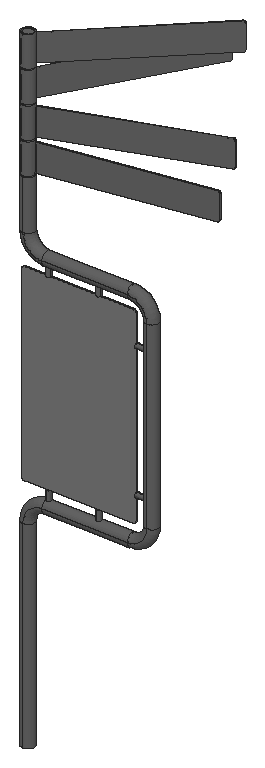
Revit family "FS_Баннер_Карта большая Яуза A 2.1_R16", category Антураж, Revit 2016
Family settings
  На основе рабочей плоскости = Нет
  Всегда вертикально = Да
  При загрузке вырезать с полостями = Нет
  Источник визуального образа = Геометрия семейства
  Общий = Нет
  Точка расчета площади = Нет
Parameters (values of type "Карта с 4 указателями «Яуза» А 2.1")
  Указатель 4_Поворот [instance] = 10.00°
  Указатель 3_Поворот [instance] = 20.00°
  Указатель 2_Поворот [instance] = 60.00°
  Указатель 1_Поворот [instance] = 45.00°
  Стоимость = 22400
  Материал таблички = FS_Краска
  Комментарии к типоразмеру = "Материал: сталь"  # constant formula
  Изготовитель = "ООО 'Хоббика'"  # constant formula
  Высота = 0 mm
  URL = "https://hobbyka.ru/product/ukazatel_yauza_21_s_tablichkami/?sphrase_id=90310"
  ADSK_Размер_Высота = 2990 mm  # constant formula
  ADSK_Наименование = "Карта с 4 указателями «Яуза» А 2.1"
  ADSK_Материал = FS_Сталь
  ADSK_Код изделия = "11100"  # constant formula
Reference planes
  plane 1 "По центру (Вперед/Назад)": y = 0
  plane 2: z = 0
  plane 3 "По центру (Влево/Вправо)": x = 0
  plane 4: z = 2400
  plane 5: z = 2550
  plane 6: z = 2700
  plane 7 "04": z = 2850
  plane 8 "03": z = 2700
  plane 9 "02": z = 2550
  plane 10 "01": z = 2400
  plane 11: z = 2000
  plane 12: z = 1100
  plane 13: x = 509.295
Forms (mm)
  Sweep 1, solid, material "FS_Сталь" <- "ADSK_Материал"
    path origin (0, 0, 0) x (1, 0, 0) y (0, 0, 1)
      loop
        line (0, 2390) -> (0, 2160)
        arc (0, 2160) -> (26.36, 2096.36) -> (90, 2070) r 90
        line (90, 2070) -> (489.295, 2070)
        arc (489.295, 2070) -> (552.935, 2043.64) -> (579.295, 1980) r 90
        line (579.295, 1980) -> (579.295, 1120)
        arc (579.295, 1120) -> (552.935, 1056.36) -> (489.295, 1030) r 90
        line (489.295, 1030) -> (90, 1030)
        arc (90, 1030) -> (26.36, 1003.64) -> (0, 940) r 90
        line (0, 940) -> (0, 0)
    profile origin (0, 0, 470) x (0, -1, 0) y (1, 0, 0)
      loop
        circle (0, 0) r 30
  Extrusion 2, solid, material "FS_Краска" <- "Материал таблички"
    sketch origin (0, 0, 0) x (1, 0, 0) y (0, 0, 1)
      loop
        line (489.295, 2000) -> (-10.705, 2000)
        arc (-10.705, 2000) -> (-24.847, 1994.142) -> (-30.705, 1980) r 20
        line (-30.705, 1980) -> (-30.705, 1120)
        arc (-30.705, 1120) -> (-24.847, 1105.858) -> (-10.705, 1100) r 20
        line (-10.705, 1100) -> (489.295, 1100)
        arc (489.295, 1100) -> (503.438, 1105.858) -> (509.295, 1120) r 20
        line (509.295, 1120) -> (509.295, 1980)
        arc (509.295, 1980) -> (503.438, 1994.142) -> (489.295, 2000) r 20
    from -1 to 1
  Sweep 3, solid, material "FS_Сталь" <- "ADSK_Материал"
    path origin (0, 0, 0) x (1, 0, 0) y (0, 0, 1)
      loop
        line (0, 2990) -> (0, 2390)
    profile origin (0, 0, 2690) x (0, -1, 0) y (1, 0, 0)
      loop
        circle (0, 0) r 25
  Extrusion 4, solid, material "FS_Сталь" <- "ADSK_Материал"
    sketch origin (529.295, -1524, 1100) x (0, -1, 0) y (-1, 0, 0)
      loop
        circle (-1524, 432.5) r 10
      loop
        circle (-1524, 197.5) r 10
    from 0 to 70
  Extrusion 5, solid, material "FS_Сталь" <- "ADSK_Материал"
    sketch origin (529.295, -1524, 2000) x (1, 0, 0) y (0, 1, 0)
      loop
        circle (-432.5, 1524) r 10
      loop
        circle (-197.5, 1524) r 10
    from 0 to 70
  Extrusion 6, solid, material "FS_Сталь" <- "ADSK_Материал"
    sketch origin (509.295, -1524, 1120) x (0, 0, 1) y (0, -1, 0)
      loop
        circle (105, -1524) r 10
      loop
        circle (730, -1524) r 10
    from 0 to 70
Cuts and joins
  joined: Sweep 1, Extrusion 4, Extrusion 5, Extrusion 6
Dimensions and locks
  diameter of Sweep 1 sketch curve = 60 mm
  radius of Sweep 1 sketch curve = 30 mm
  radius of Extrusion 2 sketch curve = 20 mm  (x4)
  "Указатель 1_Поворот": angle plane 1 "По центру (Вперед/Назад)" to nested 1
  "Указатель 2_Поворот": angle plane 1 "По центру (Вперед/Назад)" to nested 2
  "Указатель 3_Поворот": angle plane 1 "По центру (Вперед/Назад)" to nested 3
  "Указатель 4_Поворот": angle plane 1 "По центру (Вперед/Назад)" to nested 4
  aligned and locked: level to plane 2
Automatic sketch dimensions
  Sweep 1 sketch curve to plane 3 "По центру (Влево/Вправо)" = 0 mm  (x2)
  Sweep 1 sketch curve to level = 0 mm
  plane 12 to Sweep 1 sketch curve = 70 mm
  plane 11 to Sweep 1 sketch curve = 20 mm
  Sweep 1 sketch curve to Sweep 1 sketch curve = 90 mm  (x2)
  Sweep 1 sketch curve to plane 4 = 10 mm
  Extrusion 2 sketch curve to plane 12 = 0 mm
  Extrusion 2 sketch curve to plane 11 = 0 mm
  Sweep 3 sketch curve to plane 3 "По центру (Влево/Вправо)" = 0 mm
  Sweep 3 sketch curve to plane 4 = 10 mm
  plane 7 "04" to Sweep 3 sketch curve = 140 mm
  plane 1 "По центру (Вперед/Назад)" to Sweep 3 sketch curve = 0 mm
  Sweep 3 sketch curve to profile plane = 0 mm
  plane 1 "По центру (Вперед/Назад)" to Extrusion 4 sketch curve = 0 mm  (x2)
  plane 1 "По центру (Вперед/Назад)" to Extrusion 5 sketch curve = 0 mm  (x2)
  Extrusion 6 sketch curve to plane 1 "По центру (Вперед/Назад)" = 0 mm  (x2)
  Extrusion 2 sketch curve to plane 3 "По центру (Влево/Вправо)" = 10.705 mm
  plane 1 "По центру (Вперед/Назад)" to Sweep 1 sketch curve = 0 mm
  Sweep 1 sketch curve to profile plane = 0 mm
  Sweep 1 sketch curve to plane 13 = 20 mm  (x2)
  Extrusion 2 sketch curve to plane 13 = 0 mm
  Extrusion 4 sketch curve to plane 13 = 177.5 mm
  Extrusion 5 sketch curve to plane 13 = 177.5 mm
  plane 3 "По центру (Влево/Вправо)" to Sweep 1 sketch curve = 90 mm
  plane 3 "По центру (Влево/Вправо)" to Extrusion 4 sketch curve = 96.795 mm
  plane 3 "По центру (Влево/Вправо)" to Extrusion 5 sketch curve = 96.795 mm
  Extrusion 6 sketch curve to plane 12 = 125 mm
  plane 11 to Extrusion 6 sketch curve = 150 mm
  radius of Sweep 3 sketch curve = 25 mm
  radius of Extrusion 4 sketch curve = 10 mm  (x2)
  radius of Extrusion 5 sketch curve = 10 mm  (x2)
  radius of Extrusion 6 sketch curve = 10 mm  (x2)
Nested families
  nested 1: "FS_Баннер_Карта большая Яуза A 2.1_Указатель" at (0, 0, 2850) x (0.7071, 0.7071, 0) z (0, 0, 1), type "FS_Баннер_Карта большая Яуза A 2.1_Указатель"
  nested 2: "FS_Баннер_Карта большая Яуза A 2.1_Указатель" at (0, 0, 2700) x (0.5, 0.866, 0) z (0, 0, 1), type "FS_Баннер_Карта большая Яуза A 2.1_Указатель"
  nested 3: "FS_Баннер_Карта большая Яуза A 2.1_Указатель" at (0, 0, 2550) x (0.9397, 0.342, 0) z (0, 0, 1), type "FS_Баннер_Карта большая Яуза A 2.1_Указатель"
  nested 4: "FS_Баннер_Карта большая Яуза A 2.1_Указатель" at (0, 0, 2400) x (0.9848, 0.1736, 0) z (0, 0, 1), type "FS_Баннер_Карта большая Яуза A 2.1_Указатель"
Definition of nested family "FS_Баннер_Карта большая Яуза A 2.1_Указатель"
  Parameters (values of type "FS_Баннер_Карта большая Яуза A 2.1_Указатель")
    Default Elevation = 1219.2 mm
    ADSK_Материал = none
  Reference planes
    plane 1 "По центру (Вперед/Назад)": y = 0
    plane 2: z = 0
    plane 3 "По центру (Влево/Вправо)": x = 0
  Forms (mm)
    Extrusion 1, solid, material <- "ADSK_Материал"
      sketch origin (0, 0, 0) x (1, 0, 0) y (0, 1, 0)
        loop
          circle (0, 0) r 30
        loop
          circle (0, 0) r 25
      from 0 to 140
    Extrusion 2, solid, material <- "ADSK_Материал"
      sketch origin (0, 0, 0) x (1, 0, 0) y (0, 0, 1)
        loop
          line (27.481, 135) -> (27.481, 5) -> (790, 5)
          arc (790, 5) -> (797.071, 7.929) -> (800, 15) r 10
          line (800, 15) -> (800, 125)
          arc (800, 125) -> (797.071, 132.071) -> (790, 135) r 10
          line (790, 135) -> (27.481, 135)
      from -2 to 2
  Cuts and joins
    joined: Extrusion 1, Extrusion 2
  Dimensions and locks
    aligned and locked: level to plane 2
